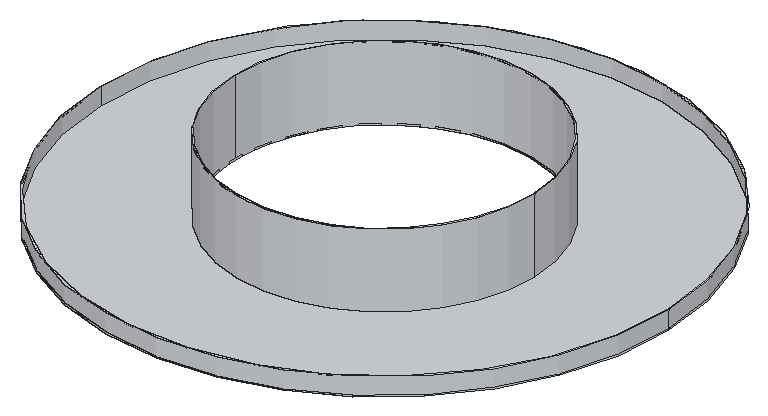
Revit family "vent_cap_inlet", category Generic Models, Revit 2025
Family settings
  Can host rebar = No
  Round Connector Dimension = Use Diameter
  Part Type = Normal
  Work Plane-Based = No
  Always vertical = Yes
  Cut with Voids When Loaded = No
  Maintain Annotation Orientation = No
  Shared = No
  Room Calculation Point = No
Parameters
  Nominal Diameter = 1' - 0"
  Lip Size = Diameter * 0.0294  # 0' - 0.6664"
  Collar OD = Nominal Diameter  # 1' - 0"
  Gauge = 0' - 0 1/16"
  Diameter Inner = Diameter - Gauge  # 1' - 10.6043"
  Diameter = Nominal Diameter * 1.8889  # 1' - 10.6668"
  Default Elevation = 0' - 0"
  Collar Length = 0' - 3"
  Collar ID = Collar OD - Gauge  # 0' - 11 15/16"
Reference planes (in)
  plane 1 "Center (Front/Back)": y = 0
  plane 2: z = 0
  plane 3 "Center (Left/Right)": x = 0
  plane 4: y = 11.3334
  plane 5: y = -11.3334
  plane 6: x = -11.3334
  plane 7: x = 11.3334
  plane 8: z = 0.0625
  plane 9: z = -3
Forms (in)
  Extrusion 1, solid
    sketch origin (0, 0, 0) x (1, 0, 0) y (0, 1, 0)
      loop
        circle (0, 0) r 11.3334
    from 0 to 0.0625 <- "Gauge"
  Extrusion 2, solid
    sketch origin (-8.82302, -180, 0.0625) x (-1, 0, 0) y (0, -1, 0)
      loop
        circle (-8.82302, -180) r 11.3334
      loop
        circle (-8.82302, -180) r 11.30215
    from 0 to 0.6664 <- "Lip Size"
  Extrusion 3, solid
    sketch origin (0, 0, 0) x (1, 0, 0) y (0, 1, 0)
      loop
        circle (0, 0) r 6
      loop
        circle (0, 0) r 5.96875
    from 0 to 3 <- "Collar Length"
  Extrusion 4, void
    sketch origin (0, 0, 0) x (0, 1, 0) y (1, 0, 0)
      loop
        circle (0, 0) r 5.96875
    from 0 to -0.0625
Cuts and joins
  Extrusion 4 cuts Extrusion 1
Dimensions and locks (in)
  equal spacing: plane 5, plane 1 "Center (Front/Back)", plane 4
  equal spacing: plane 6, plane 3 "Center (Left/Right)", plane 7
  "Diameter": plane 4 to plane 5
  "Diameter": plane 6 to plane 7
  "Gauge": plane 8 to plane 2
  "Collar Length": plane 2 to plane 9
  "Diameter": diameter of Extrusion 1 sketch curve
  "Diameter": diameter of Extrusion 2 sketch curve
  "Diameter Inner": diameter of Extrusion 2 sketch curve
  "Collar OD": diameter of Extrusion 3 sketch curve
  "Collar ID": diameter of Extrusion 3 sketch curve
  "Collar ID": diameter of Extrusion 4 sketch curve
  aligned and locked: plane 2 to level
  aligned and locked: plane 3 "Center (Left/Right)" to Extrusion 1 sketch curve
  aligned and locked: plane 1 "Center (Front/Back)" to Extrusion 1 sketch curve
  aligned and locked: plane 3 "Center (Left/Right)" to Extrusion 2 sketch curve  (x2)
  aligned and locked: plane 1 "Center (Front/Back)" to Extrusion 2 sketch curve  (x2)
  aligned and locked: plane 3 "Center (Left/Right)" to Extrusion 3 sketch curve  (x2)
  aligned and locked: plane 1 "Center (Front/Back)" to Extrusion 3 sketch curve  (x2)
  aligned and locked: plane 3 "Center (Left/Right)" to Extrusion 4 sketch curve
  aligned and locked: plane 1 "Center (Front/Back)" to Extrusion 4 sketch curve
  aligned and locked: Extrusion 1 to Extrusion 4
